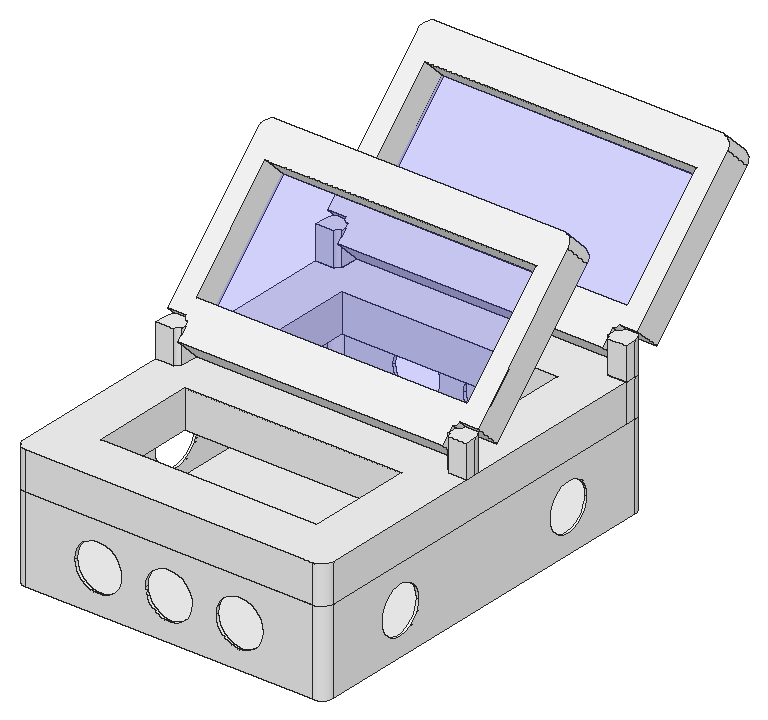
Revit family "Domotics-SerieCivili-GEWISS-27COMBI_SYSTEM-IP55_4P+4P", category Apparecchi elettrici, host Superficie, Revit 2016
Family settings
  Host = Superficie
  Mantenere orientamento annotazione = No
  Tipo di parte = Normale
  Quota connettore circolare = Usa diametro
  Numero OmniClass = 23.80.30.14.24
  Titolo OmniClass = Junction Boxes
  Taglio con vuoti quando caricato = Sì
  Condiviso = No
  Punto di calcolo locali = No
Parameters (values of type "GW27051 - 4x3 posti verticale")
  Viti coperchio = "Acciaio inox"
  Versione file RFA = "19.4"
  URL = "https://www.gewiss.com/it/it"
  Tipo sfondabili = "Asportabili con utensile"
  Tipo portella = "Con membrana"
  Termopressione con biglia = "70 °C"
  Temperatura di installazione = "-25 +60 °C"
  Scheda Tecnica = "https://www.gewiss.com/it/it/search?q=GW27051"
  SPORTELLO APERTO [instance] = yes
  SEO = "Contenitore"
  Resistenza agli urti = "IK07"
  Produttore = "GEWISS S.p.A."
  Predisposizione scomparti = "2"
  Norma di riferimento: = "EN 60670-1"
  N. moduli SYSTEM = "8 posti"
  N. fori Ã˜ 23 sfondabili: = "Laterali 10 / Sul fondo 2"
  Modello = "GW27051"
  IFC.TypeObject = ""
  IFC.ExportType = ""
  IFC.ExportAs = ""
  Default Elevation = 1219.2 mm
  Immagine tipo = gw27051.jpg
  IDT = "3990d046-d57d-4ccd-aa40-94a36558d188"
  IDF = "2dc0eff2-1777-4136-a9ab-3e245524659f"
  Grado di protezione = "IP55"
  Glow Wire Test = "650°C"
  Dim. esterne BxHxP (mm) = "132x171x65"
  Descrizione: = "8 posti"
  Descrizione = "CONTENITORE 8(4X2) POSTI VERT .STAGNO"
  Creato da GEWISS S.p.A. = ""
  Coppia serraggio viti = "0,8NM"
  Configurazione = "Modulo 4 x 2"
  Colore portella = "Trasparente"
  Colore = "Grigio RAL 7035"
  Codice Electrocod = "0212"
  Codice EAN = "8011564055407"
  Classe isolamento = "II"
  Catalogo Serie = "27COMBI"
  Catalogo = "DOMOTICS"
  COBie.Tagnumber = ""
  COBie.CreatedOn = ""
  COBie.CreatebBy = ""
  COBie.ComponentRegisterItemID = ""
  COBie.Component.TagNumber = ""
  COBie.Component.Space = ""
  COBie.Component.SerialNumber = ""
  COBie.Component.InstallationDate = ""
  COBie.Component.Description = ""
  COBie.Component.BarCode = ""
Reference planes
  plane 1 "Centro (Fronte/Retro)": y = 0
  plane 2: z = 0
  plane 3 "Centro (Sinistra/Destra)": x = 0
  plane 4: x = -66
  plane 5: x = 66
  plane 6: z = 66
  plane 7: y = -85
  plane 8: y = 85
Lines and regions (mm)
  Masking region 1
    outline origin (0, 0, 0) x (1, 0, 0) y (0, 0, 1)
      loop
        line (-66, 0) -> (66, 0) -> (66, 66) -> (-66, 66) -> (-66, 0)
  Masking region 2
    outline origin (0, 0, 0) x (0, 1, 0) y (0, 0, 1)
      loop
        line (-85, 0) -> (85, 0) -> (85, 66) -> (-85, 66) -> (-85, 0)
  Masking region 3, detail levels medium+fine
    outline origin (0, 0, 0) x (1, 0, 0) y (0, 0, 1)
      loop
        circle (0, 18) r 10
  Masking region 4, detail levels medium+fine
    outline origin (0, 42.5, 3.713) x (0, 1, 0) y (0, 0, 1)
      loop
        circle (0, 13.287) r 10
  Masking region 5, detail levels medium+fine
    outline origin (0, -42.5, 3.713) x (0, -1, 0) y (0, 0, 1)
      loop
        circle (0, 13.287) r 10
  Masking region 6, detail levels medium+fine
    outline origin (30, 0, 0) x (1, 0, 0) y (0, 0, 1)
      loop
        circle (0, 18) r 10
  Masking region 7, detail levels medium+fine
    outline origin (-30, 0, 0) x (-1, 0, 0) y (0, 0, 1)
      loop
        circle (0, 18) r 10
Dimensions and locks
  equal spacing: plane 4, plane 3 "Centro (Sinistra/Destra)", plane 5
  locked: plane 4 to plane 5 at 132
  locked: plane 6 to host face at 66
  equal spacing: plane 7, plane 1 "Centro (Fronte/Retro)", plane 8
  locked: plane 7 to plane 8 at 170
  aligned and locked: plane 2 to host face
  aligned and locked: level to host face
  aligned and locked: Masking region 1 sketch curve to level
  aligned and locked: plane 5 to Masking region 1 sketch curve
  aligned and locked: plane 6 to Masking region 1
  aligned and locked: Masking region 1 to plane 4
  aligned and locked: Masking region 2 sketch curve to level
  aligned and locked: plane 6 to Masking region 2 sketch curve
  aligned and locked: Masking region 2 to plane 7
Automatic sketch dimensions
  host sketch curve to host sketch curve = 2438.4 mm  (x2)
  Masking region 1 sketch curve to plane 4 = 0 mm
  Masking region 1 sketch curve to plane 6 = 0 mm
  Masking region 2 sketch curve to plane 7 = 0 mm
  Masking region 2 sketch curve to plane 8 = 0 mm
  Masking region 3 sketch curve to plane 3 "Centro (Sinistra/Destra)" = 0 mm
  level to Masking region 3 sketch curve = 18 mm
  level to Masking region 4 sketch curve = 17 mm
  Masking region 4 sketch curve to plane 1 "Centro (Fronte/Retro)" = 42.5 mm
  level to Masking region 5 sketch curve = 17 mm
  plane 1 "Centro (Fronte/Retro)" to Masking region 5 sketch curve = 42.5 mm
  plane 3 "Centro (Sinistra/Destra)" to Masking region 6 sketch curve = 30 mm
  level to Masking region 6 sketch curve = 18 mm
  Masking region 7 sketch curve to plane 3 "Centro (Sinistra/Destra)" = 30 mm
  level to Masking region 7 sketch curve = 18 mm
  radius of Masking region 3 sketch curve = 10 mm
  radius of Masking region 4 sketch curve = 10 mm
  radius of Masking region 5 sketch curve = 10 mm
  radius of Masking region 6 sketch curve = 10 mm
  radius of Masking region 7 sketch curve = 10 mm
Nested families
  nested 1: "SYSTEM COMBI CONTENITORI IP55 4+4P_BASE" at (0, 60, 0), Sportello aperto <- "SPORTELLO APERTO", type "GW27051"
    with Sportello chiuso no, Sportello aperto yes
Definition of nested family "SYSTEM COMBI CONTENITORI IP55 4+4P_BASE"
  Parameters (values of type "GW27051")
    VETRO = none
    Sportello chiuso [instance] = not(Sportello aperto)  # no
    Sportello aperto [instance] = yes
    Profondità scatola = 36 mm
    Offset bidimensionale = 60 mm
    Larghezza scatola = 132 mm
    SCATOLA = none
    Larghezza foro = 92 mm
    Dettaglio 4P = yes
    Default Elevation = 1219.2 mm
    Altezza scatola = 170 mm
    Altezza foro = 45 mm
  Reference planes
    plane 1 "Centro (Fronte/Retro)": y = 0
    plane 2: z = 0
    plane 3 "Centro (Sinistra/Destra)": x = 0
    plane 4: x = -66
    plane 5: x = 66
    plane 6 "1": y = 85
    plane 7: y = -85
    plane 8 "PIANO 1": z = 66
    plane 9: z = 36
    plane 10 "2": z = 2
    plane 11: z = 52
    plane 12: x = -46
    plane 13: x = 46
    plane 14: y = 64
    plane 15: y = 19
    plane 16: z = 18
    plane 17 "PIANO BIDIMENSIONALE": z = 60
    plane 18: y = 42.5
  Forms (mm)
    Extrusion 1, solid, material <- "SCATOLA", detail levels medium+fine
      sketch origin (0, 0, 66) x (0, -1, 0) y (1, 0, 0)
        loop
          arc (-85, -61) -> (-83.536, -64.536) -> (-80, -66) r 5
          line (-80, -66) -> (80, -66)
          arc (80, -66) -> (83.536, -64.536) -> (85, -61) r 5
          line (85, -61) -> (85, 61)
          arc (85, 61) -> (83.536, 64.536) -> (80, 66) r 5
          line (80, 66) -> (-80, 66)
          arc (-80, 66) -> (-83.536, 64.536) -> (-85, 61) r 5
          line (-85, 61) -> (-85, -61)
      from -66 to -30
    Extrusion 2, void, detail levels medium+fine
      sketch origin (0, 0, 66) x (0, -1, 0) y (1, 0, 0)
        loop
          line (-84, 61) -> (-84, -61)
          arc (-84, -61) -> (-82.828, -63.828) -> (-80, -65) r 4
          line (-80, -65) -> (80, -65)
          arc (80, -65) -> (82.828, -63.828) -> (84, -61) r 4
          line (84, -61) -> (84, 61)
          arc (84, 61) -> (82.828, 63.828) -> (80, 65) r 4
          line (80, 65) -> (-80, 65)
          arc (-80, 65) -> (-82.828, 63.828) -> (-84, 61) r 4
      from -64 to -30
    Extrusion 3, solid, material <- "SCATOLA", visible <- "Sportello chiuso", detail levels medium+fine
      sketch origin (0, 0, 66) x (0, -1, 0) y (1, 0, 0)
        loop
          line (-85, -56.414) -> (-77.415, -56.414)
          arc (-77.415, -56.414) -> (-76.861, -57.751) -> (-75.525, -58.304) r 1.89
          line (-75.525, -58.304) -> (-75.525, -66) -> (-5, -66)
          arc (-5, -66) -> (-1.464, -64.536) -> (0, -61) r 5
          line (0, -61) -> (0, 61)
          arc (0, 61) -> (-1.464, 64.536) -> (-5, 66) r 5
          line (-5, 66) -> (-75.525, 66) -> (-75.525, 58.304)
          arc (-75.525, 58.304) -> (-76.861, 57.751) -> (-77.415, 56.414) r 1.89
          line (-77.415, 56.414) -> (-85, 56.414) -> (-85, -56.414)
        loop
          line (-15.643, 57.717) -> (-67.357, 57.717) -> (-67.357, -57.717) -> (-15.643, -57.717) -> (-15.643, 57.717)
      from -14 to 0
    Extrusion 4, solid, material <- "SCATOLA", detail levels medium+fine
      sketch origin (0, 0, 66) x (0, -1, 0) y (1, 0, 0)
        loop
          line (-85, -56.414) -> (-77.415, -56.414)
          arc (-77.415, -56.414) -> (-76.861, -57.751) -> (-75.525, -58.304) r 1.89
          line (-75.525, -58.304) -> (-75.525, -66) -> (80, -66)
          arc (80, -66) -> (83.536, -64.536) -> (85, -61) r 5
          line (85, -61) -> (85, 61)
          arc (85, 61) -> (83.536, 64.536) -> (80, 66) r 5
          line (80, 66) -> (-75.525, 66) -> (-75.525, 58.304)
          arc (-75.525, 58.304) -> (-76.861, 57.751) -> (-77.415, 56.414) r 1.89
          line (-77.415, 56.414) -> (-85, 56.414) -> (-85, -56.414)
        loop
          line (-19, 46) -> (-64, 46) -> (-64, -46) -> (-19, -46) -> (-19, 46)
        loop
          line (19, 46) -> (19, -46) -> (64, -46) -> (64, 46) -> (19, 46)
      from -30 to -14
    Extrusion 5, solid, material <- "SCATOLA", detail levels medium+fine
      sketch origin (0, 0, 66) x (0, -1, 0) y (1, 0, 0)
        loop
          arc (-85, -61) -> (-83.536, -64.536) -> (-80, -66) r 5
          line (-80, -66) -> (-75.525, -66) -> (-75.525, -58.304)
          arc (-75.525, -58.304) -> (-76.861, -57.751) -> (-77.415, -56.414) r 1.89
          line (-77.415, -56.414) -> (-85, -56.414) -> (-85, -61)
      from -14 to 0
    Extrusion 6, solid, material <- "SCATOLA", detail levels medium+fine
      sketch origin (0, 0, 66) x (0, -1, 0) y (1, 0, 0)
        loop
          line (-85, 61) -> (-85, 56.414) -> (-77.415, 56.414)
          arc (-77.415, 56.414) -> (-76.861, 57.751) -> (-75.525, 58.304) r 1.89
          line (-75.525, 58.304) -> (-75.525, 66) -> (-80, 66)
          arc (-80, 66) -> (-83.536, 64.536) -> (-85, 61) r 5
      from -14 to 0
    Extrusion 7, solid, material <- "VETRO", visible <- "Sportello chiuso", detail levels medium+fine
      sketch origin (0, 0, 66) x (0, -1, 0) y (1, 0, 0)
        loop
          line (-67.357, -57.717) -> (-15.643, -57.717) -> (-15.643, 57.717) -> (-67.357, 57.717) -> (-67.357, -57.717)
      from -6 to 0
    Extrusion 8, solid, material <- "SCATOLA", visible <- "Sportello aperto", detail levels medium+fine
      sketch origin (0, 113.991, 80.991) x (0, 0.707107, 0.707107) y (1, 0, 0)
        loop
          line (-41, -56.414) -> (-33.415, -56.414)
          arc (-33.415, -56.414) -> (-32.861, -57.751) -> (-31.525, -58.304) r 1.89
          line (-31.525, -58.304) -> (-31.525, -66) -> (36, -66)
          arc (36, -66) -> (39.536, -64.536) -> (41, -61) r 5
          line (41, -61) -> (41, 61)
          arc (41, 61) -> (39.536, 64.536) -> (36, 66) r 5
          line (36, 66) -> (-31.525, 66) -> (-31.525, 58.304)
          arc (-31.525, 58.304) -> (-32.861, 57.751) -> (-33.415, 56.414) r 1.89
          line (-33.415, 56.414) -> (-41, 56.414) -> (-41, -56.414)
        loop
          line (26.857, 57.717) -> (-24.857, 57.717) -> (-24.857, -57.717) -> (26.857, -57.717) -> (26.857, 57.717)
      from -14 to 0
    Extrusion 9, solid, material <- "VETRO", visible <- "Sportello aperto", detail levels medium+fine
      sketch origin (0, 113.991, 80.991) x (0, 0.707107, 0.707107) y (1, 0, 0)
        loop
          line (-24.857, -57.717) -> (26.857, -57.717) -> (26.857, 57.717) -> (-24.857, 57.717) -> (-24.857, -57.717)
      from -1.5 to 0
    Extrusion 10, solid, material <- "SCATOLA", visible <- "Sportello aperto", not visible
      sketch origin (210, 0, -63.711) x (0, -1, 0) y (1, 0, 0)
        loop
          line (-41, -56.414) -> (-33.415, -56.414)
          arc (-33.415, -56.414) -> (-32.861, -57.751) -> (-31.525, -58.304) r 1.89
          line (-31.525, -58.304) -> (-31.525, -66) -> (36, -66)
          arc (36, -66) -> (39.536, -64.536) -> (41, -61) r 5
          line (41, -61) -> (41, 61)
          arc (41, 61) -> (39.536, 64.536) -> (36, 66) r 5
          line (36, 66) -> (-31.525, 66) -> (-31.525, 58.304)
          arc (-31.525, 58.304) -> (-32.861, 57.751) -> (-33.415, 56.414) r 1.89
          line (-33.415, 56.414) -> (-41, 56.414) -> (-41, -56.414)
        loop
          line (26.857, 57.717) -> (-24.857, 57.717) -> (-24.857, -57.717) -> (26.857, -57.717) -> (26.857, 57.717)
      from -14 to 0
    Extrusion 11, solid, material <- "VETRO", visible <- "Sportello aperto", not visible
      sketch origin (210, 0, -63.711) x (0, -1, 0) y (1, 0, 0)
        loop
          line (-24.857, -57.717) -> (26.857, -57.717) -> (26.857, 57.717) -> (-24.857, 57.717) -> (-24.857, -57.717)
      from -1.5 to 0
    Extrusion 12, solid, material <- "SCATOLA", detail levels fine
      sketch origin (0, 85, 0) x (-1, 0, 0) y (0, 0, 1)
        loop
          circle (0, 18) r 13
      from 5 to 3
    Extrusion 13, solid, material <- "SCATOLA", detail levels fine
      sketch origin (0, 85, 0) x (-1, 0, 0) y (0, 0, 1)
        loop
          circle (0, 18) r 10
      from 8 to 6
    Extrusion 14, solid, material <- "SCATOLA", detail levels fine
      sketch origin (0, 85, 0) x (-1, 0, 0) y (0, 0, 1)
        loop
          circle (0, 18) r 3
      from 0 to 6
    Extrusion 15, solid, material <- "SCATOLA", detail levels medium+fine
      sketch origin (0, 0, 0) x (1, 0, 0) y (0, 1, 0)
        loop
          line (-56.414, 77.415) -> (-56.414, 85) -> (-61, 85)
          arc (-61, 85) -> (-64.536, 83.536) -> (-66, 80) r 5
          line (-66, 80) -> (-66, 75.525) -> (-58.304, 75.525)
          arc (-58.304, 75.525) -> (-57.751, 76.861) -> (-56.414, 77.415) r 1.89
        loop
          arc (56.414, 77.415) -> (57.751, 76.861) -> (58.304, 75.525) r 1.89
          line (58.304, 75.525) -> (66, 75.525) -> (66, 80)
          arc (66, 80) -> (64.536, 83.536) -> (61, 85) r 5
          line (61, 85) -> (56.414, 85) -> (56.414, 77.415)
      from 36 to 52
    Extrusion 16, void, detail levels medium+fine
      sketch origin (0, 44.738, 0) x (0, 1, 0) y (0, 0, 1)
        loop
          circle (0, 18) r 10
      from 61 to 66
    Extrusion 17, void, detail levels medium+fine
      sketch origin (0, 0, 0) x (1, 0, 0) y (0, 0, 1)
        loop
          circle (0, 18) r 10
      from 84 to 85
    Extrusion 18, void, detail levels medium+fine
      sketch origin (0, 0, 0) x (0, 1, 0) y (0, 0, -1)
        loop
          circle (0, -18) r 11.5
      from 32.526 to 66
    Extrusion 19, void, detail levels medium+fine
      sketch origin (0, 44.408, 0) x (1, 0, 0) y (0, 0, -1)
        loop
          circle (0, -18) r 10
      from 39.592 to 40.592
    Extrusion 20, solid, material <- "SCATOLA", visible <- "Sportello aperto", detail levels medium+fine
      sketch origin (0, 28.991, 80.991) x (0, 0.707107, 0.707107) y (1, 0, 0)
        loop
          line (-41, -56.414) -> (-33.415, -56.414)
          arc (-33.415, -56.414) -> (-32.861, -57.751) -> (-31.525, -58.304) r 1.89
          line (-31.525, -58.304) -> (-31.525, -66) -> (36, -66)
          arc (36, -66) -> (39.536, -64.536) -> (41, -61) r 5
          line (41, -61) -> (41, 61)
          arc (41, 61) -> (39.536, 64.536) -> (36, 66) r 5
          line (36, 66) -> (-31.525, 66) -> (-31.525, 58.304)
          arc (-31.525, 58.304) -> (-32.861, 57.751) -> (-33.415, 56.414) r 1.89
          line (-33.415, 56.414) -> (-41, 56.414) -> (-41, -56.414)
        loop
          line (26.857, 57.717) -> (-24.857, 57.717) -> (-24.857, -57.717) -> (26.857, -57.717) -> (26.857, 57.717)
      from -14 to 0
    Extrusion 21, solid, material <- "VETRO", visible <- "Sportello aperto", detail levels medium+fine
      sketch origin (0, 28.991, 80.991) x (0, 0.707107, 0.707107) y (1, 0, 0)
        loop
          line (-24.857, -57.717) -> (26.857, -57.717) -> (26.857, 57.717) -> (-24.857, 57.717) -> (-24.857, -57.717)
      from -1.5 to 0
    Extrusion 22, solid, material <- "SCATOLA", visible <- "Sportello chiuso", detail levels medium+fine
      sketch origin (0, -85, 66) x (0, -1, 0) y (1, 0, 0)
        loop
          line (-85, -56.414) -> (-77.415, -56.414)
          arc (-77.415, -56.414) -> (-76.861, -57.751) -> (-75.525, -58.304) r 1.89
          line (-75.525, -58.304) -> (-75.525, -66) -> (-5, -66)
          arc (-5, -66) -> (-1.464, -64.536) -> (0, -61) r 5
          line (0, -61) -> (0, 61)
          arc (0, 61) -> (-1.464, 64.536) -> (-5, 66) r 5
          line (-5, 66) -> (-75.525, 66) -> (-75.525, 58.304)
          arc (-75.525, 58.304) -> (-76.861, 57.751) -> (-77.415, 56.414) r 1.89
          line (-77.415, 56.414) -> (-85, 56.414) -> (-85, -56.414)
        loop
          line (-15.643, 57.717) -> (-67.357, 57.717) -> (-67.357, -57.717) -> (-15.643, -57.717) -> (-15.643, 57.717)
      from -14 to 0
    Extrusion 23, solid, material <- "VETRO", visible <- "Sportello chiuso", detail levels medium+fine
      sketch origin (0, -85, 66) x (0, -1, 0) y (1, 0, 0)
        loop
          line (-67.357, -57.717) -> (-15.643, -57.717) -> (-15.643, 57.717) -> (-67.357, 57.717) -> (-67.357, -57.717)
      from -6 to 0
    Extrusion 24, void, detail levels medium+fine
      sketch origin (0, -44.738, 0) x (0, -1, 0) y (0, 0, -1)
        loop
          circle (0, -18) r 10
      from 61 to 66
    Extrusion 25, void, detail levels medium+fine
      sketch origin (-30, 0, 0) x (1, 0, 0) y (0, 0, 1)
        loop
          circle (0, 18) r 10
        loop
          circle (60, 18) r 10
      from -85 to 85
    Extrusion 26, solid, material <- "SCATOLA", detail levels medium+fine
      sketch origin (0, -85, 66) x (0, -1, 0) y (1, 0, 0)
        loop
          arc (-85, -61) -> (-83.536, -64.536) -> (-80, -66) r 5
          line (-80, -66) -> (-75.525, -66) -> (-75.525, -58.304)
          arc (-75.525, -58.304) -> (-76.861, -57.751) -> (-77.415, -56.414) r 1.89
          line (-77.415, -56.414) -> (-85, -56.414) -> (-85, -61)
      from -14 to 0
    Extrusion 27, solid, material <- "SCATOLA", detail levels medium+fine
      sketch origin (0, -85, 66) x (0, -1, 0) y (1, 0, 0)
        loop
          line (-85, 61) -> (-85, 56.414) -> (-77.415, 56.414)
          arc (-77.415, 56.414) -> (-76.861, 57.751) -> (-75.525, 58.304) r 1.89
          line (-75.525, 58.304) -> (-75.525, 66) -> (-80, 66)
          arc (-80, 66) -> (-83.536, 64.536) -> (-85, 61) r 5
      from -14 to 0
  Cuts and joins
    Extrusion 2, Extrusion 16, Extrusion 17, Extrusion 18, Extrusion 19, Extrusion 24, Extrusion 25 cuts Extrusion 1
  Lines and regions (mm)
    Masking region 1
      outline origin (0, 0, 2) x (0, -1, 0) y (1, 0, 0)
        loop
          line (-5, 66) -> (-80, 66)
          arc (-80, 66) -> (-83.536, 64.536) -> (-85, 61) r 5
          line (-85, 61) -> (-85, -61)
          arc (-85, -61) -> (-83.536, -64.536) -> (-80, -66) r 5
          line (-80, -66) -> (-5, -66)
          arc (-5, -66) -> (-1.464, -64.536) -> (0, -61) r 5
          line (0, -61) -> (0, 61)
          arc (0, 61) -> (-1.464, 64.536) -> (-5, 66) r 5
        loop
          line (-19, 46) -> (-64, 46) -> (-64, -46) -> (-19, -46) -> (-19, 46)
    Masking region 2
      outline origin (0, 0, 2) x (0, -1, 0) y (1, 0, 0)
        loop
          line (-64, -46) -> (-19, -46) -> (-19, 46) -> (-64, 46) -> (-64, -46)
    Masking region 3
      outline origin (0, 0, 0) x (1, 0, 0) y (0, 1, 0)
        loop
          line (-66, 75.525) -> (-58.304, 75.525)
          arc (-58.304, 75.525) -> (-57.751, 76.861) -> (-56.414, 77.415) r 1.89
          line (-56.414, 77.415) -> (-56.414, 85) -> (-61, 85)
          arc (-61, 85) -> (-64.536, 83.536) -> (-66, 80) r 5
          line (-66, 80) -> (-66, 75.525)
        loop
          line (58.304, 75.525) -> (66, 75.525) -> (66, 80)
          arc (66, 80) -> (64.536, 83.536) -> (61, 85) r 5
          line (61, 85) -> (56.414, 85) -> (56.414, 77.415)
          arc (56.414, 77.415) -> (57.751, 76.861) -> (58.304, 75.525) r 1.89
        loop
          circle (-61, 80) r 2
        loop
          circle (61, 80) r 2
        loop
          line (-48, 0) -> (-46, 0) -> (-46, 2.753)
          arc (-46, 2.753) -> (-45.414, 4.167) -> (-44, 4.753) r 2
          line (-44, 4.753) -> (43.996, 4.753)
          arc (43.996, 4.753) -> (45.41, 4.167) -> (45.996, 2.753) r 2
          line (45.996, 2.753) -> (45.996, 0) -> (47.996, 0) -> (47.996, 4.753)
          arc (47.996, 4.753) -> (47.41, 6.167) -> (45.996, 6.753) r 2
          line (45.996, 6.753) -> (-46, 6.753)
          arc (-46, 6.753) -> (-47.414, 6.167) -> (-48, 4.753) r 2
          line (-48, 4.753) -> (-48, 0)
    Masking region 4
      outline origin (0, 0, 0) x (1, 0, 0) y (0, 1, 0)
        loop
          line (-57.717, 15.643) -> (57.717, 15.643) -> (57.717, 75.525)
          arc (57.717, 75.525) -> (57.336, 76.446) -> (56.414, 76.828) r 1.303
          line (56.414, 76.828) -> (-56.414, 76.828)
          arc (-56.414, 76.828) -> (-57.336, 76.446) -> (-57.717, 75.525) r 1.303
          line (-57.717, 75.525) -> (-57.717, 15.643)
        loop
          line (-46, 64) -> (-46, 19) -> (46, 19) -> (46, 64) -> (-46, 64)
    Masking region 5
      outline origin (0, -85, 2) x (0, -1, 0) y (1, 0, 0)
        loop
          line (-5, 66) -> (-80, 66)
          arc (-80, 66) -> (-83.536, 64.536) -> (-85, 61) r 5
          line (-85, 61) -> (-85, -61)
          arc (-85, -61) -> (-83.536, -64.536) -> (-80, -66) r 5
          line (-80, -66) -> (-5, -66)
          arc (-5, -66) -> (-1.464, -64.536) -> (0, -61) r 5
          line (0, -61) -> (0, 61)
          arc (0, 61) -> (-1.464, 64.536) -> (-5, 66) r 5
        loop
          line (-19, 46) -> (-64, 46) -> (-64, -46) -> (-19, -46) -> (-19, 46)
    Masking region 6
      outline origin (0, -85, 0) x (1, 0, 0) y (0, 1, 0)
        loop
          line (-66, 75.525) -> (-58.304, 75.525)
          arc (-58.304, 75.525) -> (-57.751, 76.861) -> (-56.414, 77.415) r 1.89
          line (-56.414, 77.415) -> (-56.414, 85) -> (-61, 85)
          arc (-61, 85) -> (-64.536, 83.536) -> (-66, 80) r 5
          line (-66, 80) -> (-66, 75.525)
        loop
          line (58.304, 75.525) -> (66, 75.525) -> (66, 80)
          arc (66, 80) -> (64.536, 83.536) -> (61, 85) r 5
          line (61, 85) -> (56.414, 85) -> (56.414, 77.415)
          arc (56.414, 77.415) -> (57.751, 76.861) -> (58.304, 75.525) r 1.89
        loop
          circle (-61, 80) r 2
        loop
          circle (61, 80) r 2
        loop
          line (-48, 0) -> (-46, 0) -> (-46, 2.753)
          arc (-46, 2.753) -> (-45.414, 4.167) -> (-44, 4.753) r 2
          line (-44, 4.753) -> (43.996, 4.753)
          arc (43.996, 4.753) -> (45.41, 4.167) -> (45.996, 2.753) r 2
          line (45.996, 2.753) -> (45.996, 0) -> (47.996, 0) -> (47.996, 4.753)
          arc (47.996, 4.753) -> (47.41, 6.167) -> (45.996, 6.753) r 2
          line (45.996, 6.753) -> (-46, 6.753)
          arc (-46, 6.753) -> (-47.414, 6.167) -> (-48, 4.753) r 2
          line (-48, 4.753) -> (-48, 0)
    Masking region 7
      outline origin (0, -85, 2) x (0, -1, 0) y (1, 0, 0)
        loop
          line (-64, -46) -> (-19, -46) -> (-19, 46) -> (-64, 46) -> (-64, -46)
    Masking region 8
      outline origin (0, -85, 0) x (1, 0, 0) y (0, 1, 0)
        loop
          line (-57.717, 15.643) -> (57.717, 15.643) -> (57.717, 75.525)
          arc (57.717, 75.525) -> (57.336, 76.446) -> (56.414, 76.828) r 1.303
          line (56.414, 76.828) -> (-56.414, 76.828)
          arc (-56.414, 76.828) -> (-57.336, 76.446) -> (-57.717, 75.525) r 1.303
          line (-57.717, 75.525) -> (-57.717, 15.643)
        loop
          line (-46, 64) -> (-46, 19) -> (46, 19) -> (46, 64) -> (-46, 64)
    model lines, detail levels coarse
      curve 1: arc (66, -80, 60) -> (64.536, -83.536, 60) -> (61, -85, 60) r 5
      curve 2: line (66, 80, 60) -> (66, -80, 60)
      curve 3: arc (61, 85, 60) -> (64.536, 83.536, 60) -> (66, 80, 60) r 5
      curve 4: line (-61, 85, 60) -> (61, 85, 60)
      curve 5: arc (-61, 85, 60) -> (-64.536, 83.536, 60) -> (-66, 80, 60) r 5
      curve 6: line (-66, -80, 60) -> (-66, 80, 60)
      curve 7: arc (-61, -85, 60) -> (-64.536, -83.536, 60) -> (-66, -80, 60) r 5
      curve 8: line (61, -85, 60) -> (-61, -85, 60)
      curve 21: line (57.717, 15.643, 60) -> (-57.717, 15.643, 60)
      curve 22: line (57.717, 75.525, 60) -> (57.717, 15.643, 60)
      curve 23: line (-57.717, 15.643, 60) -> (-57.717, 75.525, 60)
      curve 24: line (-57.717, 67.357, 60) -> (57.717, 67.357, 60)
      curve 25: arc (-56.414, 76.828, 60) -> (-57.336, 76.446, 60) -> (-57.717, 75.525, 60) r 1.303
      curve 26: line (-56.414, 76.828, 60) -> (56.414, 76.828, 60)
      curve 27: arc (56.414, 76.828, 60) -> (57.336, 76.446, 60) -> (57.717, 75.525, 60) r 1.303
      curve 28: line (66, 75.525, 60) -> (58.304, 75.525, 60)
      curve 29: arc (56.414, 77.415, 60) -> (57.751, 76.861, 60) -> (58.304, 75.525, 60) r 1.89
      curve 30: line (56.414, 85, 60) -> (56.414, 77.415, 60)
      curve 31: line (-56.414, 77.415, 60) -> (56.414, 77.415, 60)
      curve 32: line (-66, 75.525, 60) -> (-58.304, 75.525, 60)
      curve 33: arc (-56.414, 77.415, 60) -> (-57.751, 76.861, 60) -> (-58.304, 75.525, 60) r 1.89
      curve 34: line (-56.414, 85, 60) -> (-56.414, 77.415, 60)
      curve 35: circle (-61, 80, 60) r 2 normal (0, 0, 1)
      curve 36: line (-59.172, 80.81, 60) -> (-62.472, 78.646, 60)
      curve 37: line (-62.912, 79.413, 60) -> (-59.7, 81.52, 60)
      curve 38: line (62.912, 79.413, 60) -> (59.7, 81.52, 60)
      curve 39: line (59.108, 80.647, 60) -> (62.348, 78.523, 60)
      curve 40: circle (61, 80, 60) r 2 normal (0, 0, -1)
      curve 41: line (-46, 64, 60) -> (46, 64, 60)
      curve 42: line (-46, 19, 60) -> (-46, 64, 60)
      curve 43: line (46, 19, 60) -> (-46, 19, 60)
      curve 44: line (46, 64, 60) -> (46, 19, 60)
      curve 45: line (-58, -85, 60) -> (-58, -80.247, 60)
      curve 46: line (-56, -85, 60) -> (-56, -82.247, 60)
      curve 47: arc (-56, -78.247, 60) -> (-57.414, -78.833, 60) -> (-58, -80.247, 60) r 2
      curve 48: arc (-54, -80.247, 60) -> (-55.414, -80.833, 60) -> (-56, -82.247, 60) r 2
      curve 49: line (-54, -80.247, 60) -> (54, -80.247, 60)
      curve 50: line (-56, -78.247, 60) -> (56, -78.247, 60)
      curve 51: arc (55.996, -82.247, 60) -> (55.41, -80.833, 60) -> (53.996, -80.247, 60) r 2
      curve 52: arc (57.996, -80.247, 60) -> (57.41, -78.833, 60) -> (55.996, -78.247, 60) r 2
      curve 53: line (57.996, -85, 60) -> (57.996, -80.247, 60)
      curve 54: line (55.996, -85, 60) -> (55.996, -82.247, 60)
      curve 55: arc (66, 5, 60) -> (64.536, 1.464, 60) -> (61, 0, 60) r 5
      curve 56: arc (-61, 0, 60) -> (-64.536, 1.464, 60) -> (-66, 5, 60) r 5
      curve 57: line (61, 0, 60) -> (-61, 0, 60)
      curve 70: line (-58, 0, 60) -> (-58, 4.753, 60)
      curve 71: line (-56, 0, 60) -> (-56, 2.753, 60)
      curve 72: arc (-56, 6.753, 60) -> (-57.414, 6.167, 60) -> (-58, 4.753, 60) r 2
      curve 73: arc (-54, 4.753, 60) -> (-55.414, 4.167, 60) -> (-56, 2.753, 60) r 2
      curve 74: line (-54, 4.753, 60) -> (53.996, 4.753, 60)
      curve 75: line (-56, 6.753, 60) -> (56, 6.753, 60)
      curve 76: arc (55.996, 2.753, 60) -> (55.41, 4.167, 60) -> (53.996, 4.753, 60) r 2
      curve 77: arc (57.996, 4.753, 60) -> (57.41, 6.167, 60) -> (55.996, 6.753, 60) r 2
      curve 78: line (57.996, 0, 60) -> (57.996, 4.624, 60)
      curve 79: line (55.996, 0, 60) -> (55.996, 2.624, 60)
    model lines, visible <- "Dettaglio 4P", detail levels coarse
      curve 9: line (-58, -85, 60) -> (-58, -80.247, 60)
      curve 10: line (-56, -85, 60) -> (-56, -82.247, 60)
      curve 11: arc (-54, -80.247, 60) -> (-55.414, -80.833, 60) -> (-56, -82.247, 60) r 2
      curve 12: arc (-56, -78.247, 60) -> (-57.414, -78.833, 60) -> (-58, -80.247, 60) r 2
      curve 13: line (-56, -78.247, 60) -> (-8.093, -78.247, 60)
      curve 14: line (-54, -80.247, 60) -> (-10.093, -80.247, 60)
      curve 15: line (56, -78.247, 60) -> (8.093, -78.247, 60)
      curve 16: line (54, -80.247, 60) -> (10.093, -80.247, 60)
      curve 17: arc (54, -80.247, 60) -> (55.414, -80.833, 60) -> (56, -82.247, 60) r 2
      curve 18: arc (56, -78.247, 60) -> (57.414, -78.833, 60) -> (58, -80.247, 60) r 2
      curve 19: line (56, -85, 60) -> (56, -82.247, 60)
      curve 20: line (58, -85, 60) -> (58, -80.247, 60)
      curve 58: line (-58, 0, 60) -> (-58, 4.753, 60)
      curve 59: line (-56, 0, 60) -> (-56, 2.753, 60)
      curve 60: arc (-54, 4.753, 60) -> (-55.414, 4.167, 60) -> (-56, 2.753, 60) r 2
      curve 61: arc (-56, 6.753, 60) -> (-57.414, 6.167, 60) -> (-58, 4.753, 60) r 2
      curve 62: line (-56, 6.753, 60) -> (-8.093, 6.753, 60)
      curve 63: line (-54, 4.753, 60) -> (-10.093, 4.753, 60)
      curve 64: line (56, 6.753, 60) -> (8.093, 6.753, 60)
      curve 65: line (53.996, 4.753, 60) -> (10.093, 4.753, 60)
      curve 66: arc (54, 4.753, 60) -> (55.459, 4.121, 60) -> (55.996, 2.624, 60) r 2
      curve 67: arc (56, 6.753, 60) -> (57.459, 6.121, 60) -> (57.996, 4.624, 60) r 2
      curve 68: line (56, 0, 60) -> (56, 2.753, 60)
      curve 69: line (58, 0, 60) -> (58, 4.753, 60)
  Dimensions and locks
    equal spacing: plane 4, plane 3 "Centro (Sinistra/Destra)", plane 5
    equal spacing: plane 6 "1", plane 1 "Centro (Fronte/Retro)", plane 7
    "Altezza scatola": plane 6 "1" to plane 7
    "Larghezza scatola": plane 4 to plane 5
    "Profondità scatola": plane 9 to level
    plane 8 "PIANO 1" to plane 11 = 14 mm
    "Altezza foro": plane 15 to plane 14
    "Larghezza foro": plane 12 to plane 13
    equal spacing: plane 12, plane 3 "Centro (Sinistra/Destra)", plane 13
    equal spacing: level, plane 16, plane 9
    "Offset bidimensionale": plane 17 "PIANO BIDIMENSIONALE" to plane 2
    equal spacing: plane 1 "Centro (Fronte/Retro)", plane 18, plane 6 "1"
    aligned and locked: level to plane 2
    aligned and locked: Extrusion 1 sketch curve to plane 6 "1"
    aligned and locked: plane 4 to Extrusion 1 sketch curve
    aligned and locked: Extrusion 1 sketch curve to plane 5
    aligned and locked: plane 7 to Extrusion 1 sketch curve
    aligned and locked: Extrusion 1 to level
    aligned and locked: Extrusion 2 to plane 10 "2"
    aligned and locked: plane 9 to Extrusion 2
    aligned and locked: plane 9 to Extrusion 1
    aligned and locked: Extrusion 3 sketch curve to plane 4
    aligned and locked: plane 6 "1" to Extrusion 3 sketch curve
    aligned and locked: plane 5 to Extrusion 3 sketch curve
    aligned and locked: plane 8 "PIANO 1" to Extrusion 3
    aligned and locked: Extrusion 3 to plane 11
    aligned and locked: Extrusion 4 to Extrusion 3
    aligned and locked: Extrusion 4 to plane 9
    aligned and locked: cut or joined group 1 (Extrusion 1, Extrusion 2, Extrusion 16, Extrusion 17, Extrusion 18, Extrusion 19, Extrusion 24, Extrusion 25) to Extrusion 5 sketch curve
    aligned and locked: Extrusion 5 sketch curve to cut or joined group 1
    aligned and locked: Extrusion 5 to Extrusion 3
    aligned and locked: plane 5 to Extrusion 6
    aligned and locked: Extrusion 7 sketch curve to Extrusion 3  (x2)
    aligned and locked: plane 8 "PIANO 1" to Extrusion 7
    aligned and locked: Extrusion 8 to Extrusion 9 sketch curve
    aligned and locked: Extrusion 9 sketch curve to Extrusion 8
    aligned and locked: Extrusion 11 sketch curve to Extrusion 10  (x2)
    aligned and locked: Extrusion 8 to plane 4
    aligned and locked: Extrusion 9 to Extrusion 8  (x2)
    aligned and locked: Extrusion 11 to Extrusion 10  (x2)
    aligned and locked: plane 4 to Extrusion 8 sketch curve
    aligned and locked: Extrusion 8 sketch curve to plane 5
    aligned and locked: plane 14 to Extrusion 4 sketch curve
    aligned and locked: Extrusion 4 sketch curve to plane 15
    aligned and locked: plane 12 to Extrusion 4 sketch curve
    aligned and locked: Extrusion 4 sketch curve to plane 13
    aligned and locked: Extrusion 14 to Extrusion 13
    aligned and locked: Extrusion 6 to Extrusion 4
    aligned and locked: Extrusion 5 to Extrusion 4
    aligned and locked: Extrusion 15 to Extrusion 3
    aligned and locked: Extrusion 15 to cut or joined group 1
    aligned and locked: Extrusion 15 sketch curve to Extrusion 4
    aligned and locked: plane 5 to Extrusion 16
    aligned and locked: Extrusion 17 to plane 7
    aligned and locked: Extrusion 1 to Extrusion 18
    aligned and locked: Masking region 1 sketch curve to curve 43
    aligned and locked: Masking region 1 sketch curve to curve 42
    aligned and locked: Masking region 1 sketch curve to curve 41
    aligned and locked: Masking region 1 sketch curve to curve 44
    aligned and locked: Masking region 2 sketch curve to curve 41
    aligned and locked: Masking region 2 sketch curve to curve 44
    aligned and locked: Masking region 2 sketch curve to curve 43
    aligned and locked: Masking region 2 sketch curve to curve 42
    aligned and locked: Masking region 3 sketch curve to Extrusion 15  (x4)
    aligned and locked: Masking region 3 sketch curve to Extrusion 6  (x4)
    aligned and locked: Masking region 4 sketch curve to curve 23
    aligned and locked: curve 26 to Masking region 4 sketch curve
    aligned and locked: curve 22 to Masking region 4 sketch curve
    aligned and locked: Masking region 4 sketch curve to curve 21
    aligned and locked: Masking region 4 sketch curve to curve 41
    aligned and locked: Masking region 4 sketch curve to curve 44
    aligned and locked: Masking region 4 sketch curve to curve 43
    aligned and locked: Masking region 4 sketch curve to curve 42
    aligned and locked: Extrusion 19 to Extrusion 2
    aligned and locked: plane 6 "1" to Extrusion 19
    aligned and locked: Extrusion 17 to Extrusion 2
    aligned and locked: Extrusion 8 to Extrusion 9
    aligned and locked: plane 1 "Centro (Fronte/Retro)" to Extrusion 3 sketch curve
    aligned and locked: Extrusion 20 to Extrusion 21 sketch curve
    aligned and locked: Extrusion 21 sketch curve to Extrusion 20
    aligned and locked: Extrusion 21 to Extrusion 20  (x2)
    aligned and locked: Extrusion 20 to Extrusion 21
    aligned and locked: Extrusion 23 sketch curve to Extrusion 22  (x2)
    aligned and locked: curve 1 to Extrusion 16
    aligned and locked: plane 6 "1" to Extrusion 25
  Automatic sketch dimensions
    Extrusion 10 sketch curve to Extrusion 10 sketch curve = 7.585 mm  (x2)
    Extrusion 10 sketch curve to Extrusion 10 sketch curve = 1.89 mm  (x2)
    Extrusion 10 sketch curve to Extrusion 10 sketch curve = 6.668 mm
    Extrusion 10 sketch curve to Extrusion 10 sketch curve = 7.696 mm
    Extrusion 10 sketch curve to Extrusion 10 sketch curve = 0.587 mm  (x2)
    Extrusion 10 sketch curve to Extrusion 10 sketch curve = 112.829 mm
    Extrusion 10 sketch curve to Extrusion 10 sketch curve = 3.283 mm
    Extrusion 10 sketch curve to Extrusion 10 sketch curve = 51.714 mm
    Extrusion 10 sketch curve to Extrusion 10 sketch curve = 9.143 mm  (x2)
    Extrusion 10 sketch curve to Extrusion 10 sketch curve = 5 mm
    Extrusion 11 sketch curve to Extrusion 11 sketch curve = 51.714 mm
    Extrusion 1 sketch curve to Extrusion 1 sketch curve = 5 mm  (x2)
    Extrusion 1 sketch curve to plane 5 = 5 mm  (x2)
    Extrusion 2 sketch curve to plane 6 "1" = 1 mm
    plane 4 to Extrusion 2 sketch curve = 1 mm
    Extrusion 2 sketch curve to plane 6 "1" = 5 mm
    Extrusion 2 sketch curve to Extrusion 2 sketch curve = 4 mm
    plane 7 to Extrusion 2 sketch curve = 5 mm  (x2)
    plane 7 to Extrusion 2 sketch curve = 1 mm
    Extrusion 2 sketch curve to plane 5 = 5 mm
    Extrusion 3 sketch curve to Extrusion 3 sketch curve = 7.585 mm  (x2)
    Extrusion 3 sketch curve to plane 6 "1" = 9.475 mm
    Extrusion 3 sketch curve to Extrusion 3 sketch curve = 1.89 mm
    Extrusion 3 sketch curve to plane 14 = 3.357 mm
    plane 15 to Extrusion 3 sketch curve = 3.357 mm
    Extrusion 3 sketch curve to plane 1 "Centro (Fronte/Retro)" = 5 mm
    Extrusion 3 sketch curve to Extrusion 3 sketch curve = 5 mm
    Extrusion 3 sketch curve to Extrusion 3 sketch curve = 7.696 mm
    Extrusion 3 sketch curve to Extrusion 3 sketch curve = 0.587 mm
    Extrusion 3 sketch curve to plane 5 = 9.586 mm
    Extrusion 3 sketch curve to plane 5 = 8.283 mm
    Extrusion 4 sketch curve to plane 6 "1" = 0 mm
    Extrusion 4 sketch curve to plane 4 = 0 mm
    Extrusion 4 sketch curve to plane 5 = 0 mm
    Extrusion 4 sketch curve to plane 13 = 0 mm
    Extrusion 4 sketch curve to plane 12 = 0 mm
    Extrusion 4 sketch curve to plane 7 = 0 mm
    Extrusion 4 sketch curve to Extrusion 4 sketch curve = 7.585 mm  (x2)
    Extrusion 4 sketch curve to Extrusion 4 sketch curve = 1.89 mm  (x2)
    plane 1 "Centro (Fronte/Retro)" to Extrusion 4 sketch curve = 19 mm
    plane 7 to Extrusion 4 sketch curve = 21 mm
    Extrusion 4 sketch curve to plane 5 = 5 mm
    plane 7 to Extrusion 4 sketch curve = 5 mm
    Extrusion 4 sketch curve to Extrusion 4 sketch curve = 7.696 mm
    Extrusion 4 sketch curve to plane 5 = 9.586 mm
    Extrusion 5 sketch curve to Extrusion 5 sketch curve = 5 mm
    Extrusion 5 sketch curve to Extrusion 5 sketch curve = 2.585 mm
    Extrusion 5 sketch curve to Extrusion 5 sketch curve = 1.89 mm
    Extrusion 5 sketch curve to Extrusion 5 sketch curve = 2.696 mm
    Extrusion 6 sketch curve to plane 6 "1" = 0 mm
    Extrusion 6 sketch curve to plane 5 = 0 mm
    plane 5 to Extrusion 6 sketch curve = 5 mm
    Extrusion 6 sketch curve to Extrusion 6 sketch curve = 2.585 mm
    Extrusion 6 sketch curve to Extrusion 6 sketch curve = 1.89 mm
    Extrusion 6 sketch curve to Extrusion 6 sketch curve = 2.696 mm
    Extrusion 7 sketch curve to plane 14 = 3.357 mm
    plane 15 to Extrusion 7 sketch curve = 3.357 mm
    plane 4 to Extrusion 8 sketch curve = 9.586 mm
    Extrusion 8 sketch curve to Extrusion 8 sketch curve = 7.585 mm  (x2)
    Extrusion 8 sketch curve to Extrusion 8 sketch curve = 1.89 mm  (x2)
    Extrusion 8 sketch curve to Extrusion 8 sketch curve = 6.668 mm
    Extrusion 8 sketch curve to plane 5 = 8.283 mm
    Extrusion 8 sketch curve to Extrusion 8 sketch curve = 51.714 mm
    Extrusion 8 sketch curve to Extrusion 8 sketch curve = 9.143 mm  (x2)
    Extrusion 8 sketch curve to plane 5 = 5 mm
    Extrusion 8 sketch curve to Extrusion 8 sketch curve = 0.587 mm
    Extrusion 8 sketch curve to plane 5 = 9.586 mm
    Extrusion 9 sketch curve to Extrusion 9 sketch curve = 51.714 mm
    Extrusion 12 sketch curve to plane 3 "Centro (Sinistra/Destra)" = 0 mm
    Extrusion 12 sketch curve to plane 16 = 0 mm
    Extrusion 13 sketch curve to plane 3 "Centro (Sinistra/Destra)" = 0 mm
    Extrusion 13 sketch curve to plane 16 = 0 mm
    Extrusion 14 sketch curve to plane 3 "Centro (Sinistra/Destra)" = 0 mm
    Extrusion 14 sketch curve to plane 16 = 0 mm
    Extrusion 15 sketch curve to plane 4 = 0 mm
    Extrusion 15 sketch curve to plane 6 "1" = 0 mm  (x2)
    Extrusion 15 sketch curve to plane 5 = 0 mm
    plane 4 to Extrusion 15 sketch curve = 5 mm
    Extrusion 15 sketch curve to Extrusion 15 sketch curve = 1.89 mm  (x2)
    Extrusion 15 sketch curve to Extrusion 15 sketch curve = 9.586 mm
    Extrusion 15 sketch curve to Extrusion 15 sketch curve = 4.586 mm
    Extrusion 15 sketch curve to Extrusion 15 sketch curve = 2.585 mm  (x2)
    plane 16 to Extrusion 16 sketch curve = 0 mm
    plane 18 to Extrusion 16 sketch curve = 2.238 mm
    Extrusion 17 sketch curve to plane 3 "Centro (Sinistra/Destra)" = 0 mm
    Extrusion 17 sketch curve to plane 16 = 0 mm
    Extrusion 18 sketch curve to plane 1 "Centro (Fronte/Retro)" = 0 mm
    plane 16 to Extrusion 18 sketch curve = 0 mm
    Extrusion 19 sketch curve to plane 3 "Centro (Sinistra/Destra)" = 0 mm
    Extrusion 19 sketch curve to plane 16 = 0 mm
    curve 3 to curve 40 = 0 mm  (x2)
    curve 5 to curve 35 = 0 mm  (x2)
    curve 11 to curve 48 = 0 mm  (x2)
    curve 12 to curve 47 = 0 mm  (x2)
    curve 25 to curve 33 = 0 mm  (x2)
    curve 27 to curve 29 = 0 mm  (x2)
    curve 60 to curve 73 = 0 mm  (x2)
    curve 61 to curve 72 = 0 mm  (x2)
    curve 4 to plane 6 "1" = 0 mm
    curve 3 to plane 5 = 0 mm
    curve 5 to plane 4 = 0 mm
    curve 41 to plane 13 = 0 mm
    plane 14 to curve 41 = 0 mm
    plane 15 to curve 44 = 0 mm
    plane 1 "Centro (Fronte/Retro)" to curve 57 = 0 mm
    curve 9 to plane 7 = 0 mm
    curve 41 to plane 12 = 0 mm
    curve 5 to curve 5 = 5 mm
    curve 3 to curve 40 = 5 mm
    curve 5 to curve 31 = 2.585 mm
    curve 31 to curve 26 = 0.587 mm
    curve 26 to curve 32 = 1.303 mm
    curve 26 to curve 29 = 1.303 mm
    plane 15 to curve 21 = 3.357 mm
    curve 75 to plane 1 "Centro (Fronte/Retro)" = 6.753 mm
    curve 55 to curve 57 = 5 mm
    curve 56 to curve 57 = 5 mm
    curve 62 to curve 70 = 2 mm
    curve 61 to curve 63 = 0 mm
    curve 67 to curve 67 = 2 mm
    curve 77 to curve 67 = 0 mm
    curve 77 to curve 78 = 0.129 mm
    curve 65 to curve 76 = 2 mm
    curve 61 to curve 71 = 2 mm
    curve 76 to curve 66 = 0 mm
    curve 76 to curve 79 = 0.129 mm
    plane 7 to curve 15 = 6.753 mm
    plane 7 to curve 6 = 5 mm
    plane 7 to curve 2 = 5 mm
    curve 13 to curve 45 = 2 mm
    curve 15 to curve 20 = 2 mm
    curve 12 to curve 49 = 0 mm
    curve 53 to curve 18 = 0 mm
    curve 16 to curve 17 = 2 mm
    curve 51 to curve 17 = 0 mm
    curve 11 to curve 11 = 2 mm
    curve 5 to curve 32 = 2.696 mm
    curve 7 to curve 9 = 3 mm
    curve 56 to curve 58 = 3 mm
    curve 46 to curve 12 = 0 mm
    curve 71 to curve 61 = 0 mm
    curve 65 to curve 55 = 7.004 mm
    curve 51 to curve 1 = 7.004 mm
    curve 51 to curve 16 = 0.004 mm
    curve 76 to curve 66 = 0.004 mm
    curve 66 to curve 77 = 1.996 mm
    curve 79 to curve 76 = 0 mm
    curve 17 to curve 52 = 1.996 mm
    curve 52 to curve 15 = 0.004 mm
    curve 77 to curve 67 = 0.004 mm
    curve 31 to curve 3 = 4.586 mm
    curve 37 to curve 5 = 1.52 mm
    curve 38 to curve 3 = 1.52 mm
    curve 37 to curve 36 = 0.709 mm
    curve 38 to curve 39 = 0.872 mm
    curve 5 to curve 37 = 0.587 mm
    curve 40 to curve 38 = 0.587 mm
    plane 4 to curve 36 = 3.528 mm
    curve 37 to curve 36 = 0.767 mm
    curve 39 to plane 5 = 3.652 mm
    curve 38 to curve 39 = 0.891 mm
    curve 24 to plane 14 = 3.357 mm
    curve 77 to curve 64 = 0 mm
    curve 77 to curve 69 = 0 mm
    curve 76 to curve 68 = 0 mm
    curve 14 to plane 3 "Centro (Sinistra/Destra)" = 10.093 mm
    curve 63 to plane 3 "Centro (Sinistra/Destra)" = 10.093 mm
    curve 63 to curve 62 = 2 mm
    curve 14 to curve 13 = 2 mm
    plane 3 "Centro (Sinistra/Destra)" to curve 64 = 8.093 mm
    plane 3 "Centro (Sinistra/Destra)" to curve 15 = 8.093 mm
    curve 15 to curve 16 = 2 mm
    curve 64 to curve 65 = 2 mm
    curve 78 to curve 69 = 0.004 mm
    Masking region 1 sketch curve to plane 6 "1" = 0 mm
    Masking region 1 sketch curve to plane 4 = 0 mm
    Masking region 1 sketch curve to plane 5 = 0 mm
    plane 1 "Centro (Fronte/Retro)" to Masking region 1 sketch curve = 0 mm
    Masking region 1 sketch curve to plane 6 "1" = 5 mm
    Masking region 1 sketch curve to Masking region 1 sketch curve = 5 mm
    Masking region 1 sketch curve to plane 1 "Centro (Fronte/Retro)" = 5 mm  (x2)
    Masking region 3 sketch curve to Masking region 3 sketch curve = 0 mm  (x4)
    plane 1 "Centro (Fronte/Retro)" to Masking region 3 sketch curve = 0 mm  (x2)
    Masking region 3 sketch curve to plane 12 = 0 mm  (x2)
    plane 4 to Masking region 3 sketch curve = 5 mm
    Masking region 3 sketch curve to Masking region 3 sketch curve = 1.89 mm  (x2)
    Masking region 3 sketch curve to Masking region 3 sketch curve = 2 mm  (x2)
    plane 12 to Masking region 3 sketch curve = 2 mm
    Masking region 3 sketch curve to plane 13 = 2.004 mm
    Masking region 3 sketch curve to plane 13 = 0.004 mm  (x2)
    plane 13 to Masking region 3 sketch curve = 1.996 mm
    Masking region 3 sketch curve to Masking region 3 sketch curve = 4.586 mm
    Masking region 3 sketch curve to plane 1 "Centro (Fronte/Retro)" = 2.753 mm
    Masking region 4 sketch curve to Masking region 4 sketch curve = 1.303 mm  (x2)
    plane 1 "Centro (Fronte/Retro)" to Masking region 5 sketch curve = 0 mm
    Masking region 5 sketch curve to plane 4 = 0 mm
    Masking region 5 sketch curve to plane 5 = 0 mm
    Masking region 5 sketch curve to plane 12 = 0 mm
    Masking region 5 sketch curve to plane 13 = 0 mm
    Masking region 5 sketch curve to plane 7 = 0 mm
    plane 1 "Centro (Fronte/Retro)" to Masking region 5 sketch curve = 5 mm
    Masking region 5 sketch curve to Masking region 5 sketch curve = 5 mm
    plane 1 "Centro (Fronte/Retro)" to Masking region 5 sketch curve = 21 mm
    plane 7 to Masking region 5 sketch curve = 19 mm
    plane 7 to Masking region 5 sketch curve = 5 mm  (x2)
    Masking region 6 sketch curve to Masking region 6 sketch curve = 0 mm  (x4)
    Masking region 6 sketch curve to plane 4 = 0 mm
    plane 1 "Centro (Fronte/Retro)" to Masking region 6 sketch curve = 0 mm  (x2)
    Masking region 6 sketch curve to plane 7 = 0 mm  (x2)
    Masking region 6 sketch curve to plane 12 = 0 mm  (x2)
    Masking region 6 sketch curve to plane 5 = 0 mm
    Masking region 6 sketch curve to Masking region 6 sketch curve = 5 mm
    Masking region 6 sketch curve to Masking region 6 sketch curve = 2.696 mm
    Masking region 6 sketch curve to Masking region 6 sketch curve = 1.89 mm  (x2)
    Masking region 6 sketch curve to Masking region 6 sketch curve = 2 mm  (x2)
    plane 12 to Masking region 6 sketch curve = 2 mm
    Masking region 6 sketch curve to plane 13 = 2.004 mm
    Masking region 6 sketch curve to plane 13 = 0.004 mm  (x2)
    plane 13 to Masking region 6 sketch curve = 1.996 mm
    Masking region 6 sketch curve to plane 5 = 9.586 mm
    Masking region 6 sketch curve to Masking region 6 sketch curve = 4.586 mm
    plane 7 to Masking region 6 sketch curve = 2.753 mm
    Masking region 6 sketch curve to Masking region 6 sketch curve = 4.475 mm  (x2)
    Extrusion 20 sketch curve to plane 4 = 0 mm
    Extrusion 20 sketch curve to plane 5 = 0 mm
    plane 4 to Extrusion 20 sketch curve = 9.586 mm
    Extrusion 20 sketch curve to Extrusion 20 sketch curve = 7.585 mm  (x2)
    Extrusion 20 sketch curve to Extrusion 20 sketch curve = 1.89 mm  (x2)
    Extrusion 20 sketch curve to Extrusion 20 sketch curve = 6.668 mm
    Extrusion 20 sketch curve to plane 5 = 8.283 mm
    Extrusion 20 sketch curve to Extrusion 20 sketch curve = 51.714 mm
    Extrusion 20 sketch curve to Extrusion 20 sketch curve = 9.143 mm  (x2)
    Extrusion 20 sketch curve to plane 5 = 5 mm
    Extrusion 20 sketch curve to Extrusion 20 sketch curve = 0.587 mm
    Extrusion 20 sketch curve to plane 5 = 9.586 mm
    Extrusion 21 sketch curve to Extrusion 21 sketch curve = 51.714 mm
    plane 1 "Centro (Fronte/Retro)" to Extrusion 22 sketch curve = 0 mm
    Extrusion 22 sketch curve to plane 4 = 0 mm
    Extrusion 22 sketch curve to plane 5 = 0 mm
    Extrusion 22 sketch curve to plane 7 = 0 mm
    Extrusion 22 sketch curve to Extrusion 22 sketch curve = 7.585 mm  (x2)
    plane 1 "Centro (Fronte/Retro)" to Extrusion 22 sketch curve = 9.475 mm
    Extrusion 22 sketch curve to Extrusion 22 sketch curve = 1.89 mm
    Extrusion 22 sketch curve to Extrusion 22 sketch curve = 8.168 mm
    plane 7 to Extrusion 22 sketch curve = 15.643 mm
    plane 7 to Extrusion 22 sketch curve = 5 mm
    Extrusion 22 sketch curve to plane 5 = 5 mm
    Extrusion 22 sketch curve to Extrusion 22 sketch curve = 7.696 mm
    Extrusion 22 sketch curve to Extrusion 22 sketch curve = 0.587 mm
    Extrusion 22 sketch curve to plane 5 = 9.586 mm
    Extrusion 22 sketch curve to plane 5 = 8.283 mm
    plane 1 "Centro (Fronte/Retro)" to Extrusion 23 sketch curve = 17.643 mm
    plane 7 to Extrusion 23 sketch curve = 15.643 mm
    Masking region 7 sketch curve to plane 13 = 0 mm
    Masking region 7 sketch curve to plane 12 = 0 mm
    plane 1 "Centro (Fronte/Retro)" to Masking region 7 sketch curve = 21 mm
    plane 7 to Masking region 7 sketch curve = 19 mm
    Masking region 8 sketch curve to plane 12 = 0 mm
    Masking region 8 sketch curve to plane 13 = 0 mm
    plane 4 to Masking region 8 sketch curve = 9.586 mm
    plane 4 to Masking region 8 sketch curve = 8.283 mm
    Masking region 8 sketch curve to plane 5 = 9.586 mm
    Masking region 8 sketch curve to plane 5 = 8.283 mm
    plane 7 to Masking region 8 sketch curve = 15.643 mm
    Masking region 8 sketch curve to Masking region 8 sketch curve = 3.357 mm
    plane 1 "Centro (Fronte/Retro)" to Masking region 8 sketch curve = 21 mm
    plane 1 "Centro (Fronte/Retro)" to Masking region 8 sketch curve = 9.475 mm
    plane 16 to Extrusion 24 sketch curve = 0 mm
    plane 7 to Extrusion 24 sketch curve = 40.262 mm
    Extrusion 25 sketch curve to plane 16 = 0 mm  (x2)
    plane 12 to Extrusion 25 sketch curve = 16 mm
    Extrusion 25 sketch curve to plane 13 = 16 mm
    plane 1 "Centro (Fronte/Retro)" to Extrusion 26 sketch curve = 0 mm
    Extrusion 26 sketch curve to plane 4 = 0 mm
    plane 1 "Centro (Fronte/Retro)" to Extrusion 26 sketch curve = 5 mm
    Extrusion 26 sketch curve to Extrusion 26 sketch curve = 2.585 mm
    Extrusion 26 sketch curve to Extrusion 26 sketch curve = 1.89 mm
    Extrusion 26 sketch curve to Extrusion 26 sketch curve = 2.696 mm
    plane 1 "Centro (Fronte/Retro)" to Extrusion 27 sketch curve = 0 mm
    Extrusion 27 sketch curve to plane 5 = 0 mm
    Extrusion 27 sketch curve to plane 1 "Centro (Fronte/Retro)" = 5 mm
    Extrusion 27 sketch curve to Extrusion 27 sketch curve = 2.585 mm
    Extrusion 27 sketch curve to Extrusion 27 sketch curve = 1.89 mm
    Extrusion 27 sketch curve to Extrusion 27 sketch curve = 2.696 mm
    radius of Extrusion 12 sketch curve = 13 mm
    radius of Extrusion 13 sketch curve = 10 mm
    radius of Extrusion 14 sketch curve = 3 mm
    radius of Extrusion 16 sketch curve = 10 mm
    radius of Extrusion 17 sketch curve = 10 mm
    radius of Extrusion 18 sketch curve = 11.5 mm
    radius of Extrusion 19 sketch curve = 10 mm
    radius of Masking region 3 sketch curve = 2 mm  (x2)
    radius of Masking region 6 sketch curve = 2 mm  (x2)
    radius of Extrusion 24 sketch curve = 10 mm
    radius of Extrusion 25 sketch curve = 10 mm  (x2)
